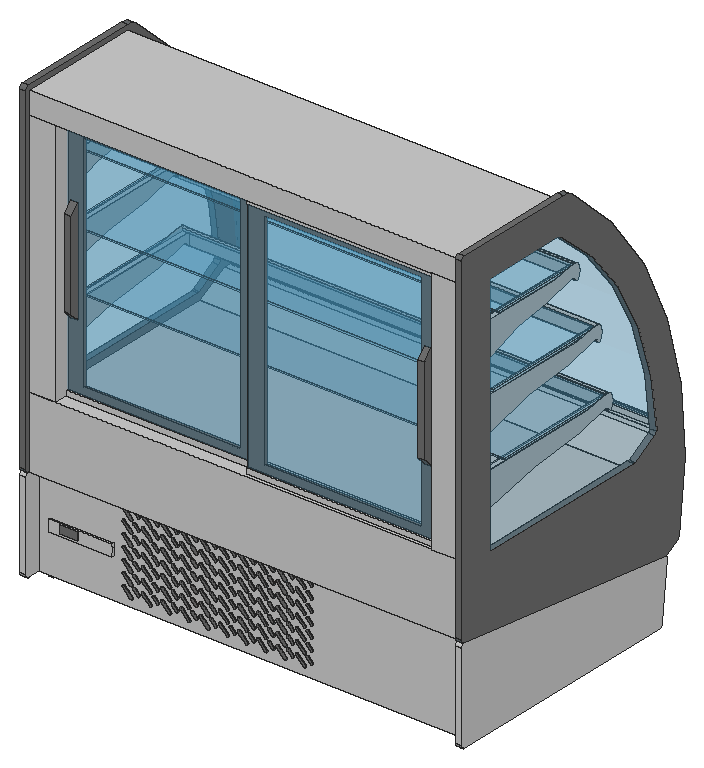
Revit family "QF_INFRICO_VBR12R_250814015714", category Specialty Equipment, Revit 2021 (continued)
Definition of nested family "QF_INFRICO_VBR12R_2920"
  Forms (mm)
    Extrusion 69, solid
      sketch origin (1643.376, -765.123, -1.698) x (-1, 0, 0) y (0, 0, 1)
        loop
          arc (1118.417, 200.284) -> (1118.417, 206.648) -> (1112.053, 206.648) r 4.5
          line (1112.053, 206.648) -> (1090.133, 184.728)
          arc (1090.133, 184.728) -> (1090.133, 178.364) -> (1096.497, 178.364) r 4.5
        loop
          line (1075.739, 191.335) -> (1087.053, 202.648)
          arc (1087.053, 202.648) -> (1087.053, 209.012) -> (1080.689, 209.012) r 4.5
          line (1080.689, 209.012) -> (1069.376, 197.698)
          arc (1069.376, 197.698) -> (1069.376, 191.335) -> (1075.739, 191.335) r 4.5
        loop
          line (1096.497, 212.364) -> (1118.417, 234.284)
          arc (1118.417, 234.284) -> (1118.417, 240.648) -> (1112.053, 240.648) r 4.5
          line (1112.053, 240.648) -> (1090.133, 218.728)
          arc (1090.133, 218.728) -> (1090.133, 212.364) -> (1096.497, 212.364) r 4.5
        loop
          line (1075.739, 225.335) -> (1087.053, 236.648)
          arc (1087.053, 236.648) -> (1087.053, 243.012) -> (1080.689, 243.012) r 4.5
          line (1080.689, 243.012) -> (1069.376, 231.698)
          arc (1069.376, 231.698) -> (1069.376, 225.335) -> (1075.739, 225.335) r 4.5
        loop
          line (1096.497, 246.364) -> (1118.417, 268.284)
          arc (1118.417, 268.284) -> (1118.417, 274.648) -> (1112.053, 274.648) r 4.5
          line (1112.053, 274.648) -> (1090.133, 252.728)
          arc (1090.133, 252.728) -> (1090.133, 246.364) -> (1096.497, 246.364) r 4.5
        loop
          line (1075.739, 259.335) -> (1087.053, 270.648)
          arc (1087.053, 270.648) -> (1087.053, 277.012) -> (1080.689, 277.012) r 4.5
          line (1080.689, 277.012) -> (1069.376, 265.698)
          arc (1069.376, 265.698) -> (1069.376, 259.335) -> (1075.739, 259.335) r 4.5
        loop
          line (1040.497, 42.364) -> (1062.417, 64.284)
          arc (1062.417, 64.284) -> (1062.417, 70.648) -> (1056.053, 70.648) r 4.5
          line (1056.053, 70.648) -> (1034.133, 48.728)
          arc (1034.133, 48.728) -> (1034.133, 42.364) -> (1040.497, 42.364) r 4.5
        loop
          line (1019.739, 55.335) -> (1031.053, 66.648)
          arc (1031.053, 66.648) -> (1031.053, 73.012) -> (1024.689, 73.012) r 4.5
          line (1024.689, 73.012) -> (1013.376, 61.698)
          arc (1013.376, 61.698) -> (1013.376, 55.335) -> (1019.739, 55.335) r 4.5
        loop
          line (1040.497, 76.364) -> (1062.417, 98.284)
          arc (1062.417, 98.284) -> (1062.417, 104.648) -> (1056.053, 104.648) r 4.5
          line (1056.053, 104.648) -> (1034.133, 82.728)
          arc (1034.133, 82.728) -> (1034.133, 76.364) -> (1040.497, 76.364) r 4.5
        loop
          line (1019.739, 89.335) -> (1031.053, 100.648)
          arc (1031.053, 100.648) -> (1031.053, 107.012) -> (1024.689, 107.012) r 4.5
          line (1024.689, 107.012) -> (1013.376, 95.698)
          arc (1013.376, 95.698) -> (1013.376, 89.335) -> (1019.739, 89.335) r 4.5
        loop
          line (1040.497, 110.364) -> (1062.417, 132.284)
          arc (1062.417, 132.284) -> (1062.417, 138.648) -> (1056.053, 138.648) r 4.5
          line (1056.053, 138.648) -> (1034.133, 116.728)
          arc (1034.133, 116.728) -> (1034.133, 110.364) -> (1040.497, 110.364) r 4.5
        loop
          line (1019.739, 123.335) -> (1031.053, 134.648)
          arc (1031.053, 134.648) -> (1031.053, 141.012) -> (1024.689, 141.012) r 4.5
          line (1024.689, 141.012) -> (1013.376, 129.698)
          arc (1013.376, 129.698) -> (1013.376, 123.335) -> (1019.739, 123.335) r 4.5
        loop
          line (1040.497, 144.364) -> (1062.417, 166.284)
          arc (1062.417, 166.284) -> (1062.417, 172.648) -> (1056.053, 172.648) r 4.5
          line (1056.053, 172.648) -> (1034.133, 150.728)
          arc (1034.133, 150.728) -> (1034.133, 144.364) -> (1040.497, 144.364) r 4.5
        loop
          line (1019.739, 157.335) -> (1031.053, 168.648)
          arc (1031.053, 168.648) -> (1031.053, 175.012) -> (1024.689, 175.012) r 4.5
          line (1024.689, 175.012) -> (1013.376, 163.698)
          arc (1013.376, 163.698) -> (1013.376, 157.335) -> (1019.739, 157.335) r 4.5
        loop
          line (1040.497, 178.364) -> (1062.417, 200.284)
          arc (1062.417, 200.284) -> (1062.417, 206.648) -> (1056.053, 206.648) r 4.5
          line (1056.053, 206.648) -> (1034.133, 184.728)
          arc (1034.133, 184.728) -> (1034.133, 178.364) -> (1040.497, 178.364) r 4.5
        loop
          line (1019.739, 191.335) -> (1031.053, 202.648)
          arc (1031.053, 202.648) -> (1031.053, 209.012) -> (1024.689, 209.012) r 4.5
          line (1024.689, 209.012) -> (1013.376, 197.698)
          arc (1013.376, 197.698) -> (1013.376, 191.335) -> (1019.739, 191.335) r 4.5
        loop
          line (1040.497, 212.364) -> (1062.417, 234.284)
          arc (1062.417, 234.284) -> (1062.417, 240.648) -> (1056.053, 240.648) r 4.5
          line (1056.053, 240.648) -> (1034.133, 218.728)
          arc (1034.133, 218.728) -> (1034.133, 212.364) -> (1040.497, 212.364) r 4.5
        loop
          line (1019.739, 225.335) -> (1031.053, 236.648)
          arc (1031.053, 236.648) -> (1031.053, 243.012) -> (1024.689, 243.012) r 4.5
          line (1024.689, 243.012) -> (1013.376, 231.698)
          arc (1013.376, 231.698) -> (1013.376, 225.335) -> (1019.739, 225.335) r 4.5
        loop
          line (1040.497, 246.364) -> (1062.417, 268.284)
          arc (1062.417, 268.284) -> (1062.417, 274.648) -> (1056.053, 274.648) r 4.5
          line (1056.053, 274.648) -> (1034.133, 252.728)
          arc (1034.133, 252.728) -> (1034.133, 246.364) -> (1040.497, 246.364) r 4.5
        loop
          line (1019.739, 259.335) -> (1031.053, 270.648)
          arc (1031.053, 270.648) -> (1031.053, 277.012) -> (1024.689, 277.012) r 4.5
          line (1024.689, 277.012) -> (1013.376, 265.698)
          arc (1013.376, 265.698) -> (1013.376, 259.335) -> (1019.739, 259.335) r 4.5
        loop
          line (984.497, 42.364) -> (1006.417, 64.284)
          arc (1006.417, 64.284) -> (1006.417, 70.648) -> (1000.053, 70.648) r 4.5
          line (1000.053, 70.648) -> (978.133, 48.728)
          arc (978.133, 48.728) -> (978.133, 42.364) -> (984.497, 42.364) r 4.5
        loop
          line (963.739, 55.335) -> (975.053, 66.648)
          arc (975.053, 66.648) -> (975.053, 73.012) -> (968.689, 73.012) r 4.5
          line (968.689, 73.012) -> (957.376, 61.698)
          arc (957.376, 61.698) -> (957.376, 55.335) -> (963.739, 55.335) r 4.5
        loop
          line (984.497, 76.364) -> (1006.417, 98.284)
          arc (1006.417, 98.284) -> (1006.417, 104.648) -> (1000.053, 104.648) r 4.5
          line (1000.053, 104.648) -> (978.133, 82.728)
          arc (978.133, 82.728) -> (978.133, 76.364) -> (984.497, 76.364) r 4.5
        loop
          line (963.739, 89.335) -> (975.053, 100.648)
          arc (975.053, 100.648) -> (975.053, 107.012) -> (968.689, 107.012) r 4.5
          line (968.689, 107.012) -> (957.376, 95.698)
          arc (957.376, 95.698) -> (957.376, 89.335) -> (963.739, 89.335) r 4.5
        loop
          line (984.497, 110.364) -> (1006.417, 132.284)
          arc (1006.417, 132.284) -> (1006.417, 138.648) -> (1000.053, 138.648) r 4.5
          line (1000.053, 138.648) -> (978.133, 116.728)
          arc (978.133, 116.728) -> (978.133, 110.364) -> (984.497, 110.364) r 4.5
        loop
          line (963.739, 123.335) -> (975.053, 134.648)
          arc (975.053, 134.648) -> (975.053, 141.012) -> (968.689, 141.012) r 4.5
          line (968.689, 141.012) -> (957.376, 129.698)
          arc (957.376, 129.698) -> (957.376, 123.335) -> (963.739, 123.335) r 4.5
        loop
          line (984.497, 144.364) -> (1006.417, 166.284)
          arc (1006.417, 166.284) -> (1006.417, 172.648) -> (1000.053, 172.648) r 4.5
          line (1000.053, 172.648) -> (978.133, 150.728)
          arc (978.133, 150.728) -> (978.133, 144.364) -> (984.497, 144.364) r 4.5
        loop
          line (963.739, 157.335) -> (975.053, 168.648)
          arc (975.053, 168.648) -> (975.053, 175.012) -> (968.689, 175.012) r 4.5
          line (968.689, 175.012) -> (957.376, 163.698)
          arc (957.376, 163.698) -> (957.376, 157.335) -> (963.739, 157.335) r 4.5
        loop
          line (984.497, 178.364) -> (1006.417, 200.284)
          arc (1006.417, 200.284) -> (1006.417, 206.648) -> (1000.053, 206.648) r 4.5
          line (1000.053, 206.648) -> (978.133, 184.728)
          arc (978.133, 184.728) -> (978.133, 178.364) -> (984.497, 178.364) r 4.5
        loop
          line (963.739, 191.335) -> (975.053, 202.648)
          arc (975.053, 202.648) -> (975.053, 209.012) -> (968.689, 209.012) r 4.5
          line (968.689, 209.012) -> (957.376, 197.698)
          arc (957.376, 197.698) -> (957.376, 191.335) -> (963.739, 191.335) r 4.5
        loop
          line (984.497, 212.364) -> (1006.417, 234.284)
          arc (1006.417, 234.284) -> (1006.417, 240.648) -> (1000.053, 240.648) r 4.5
          line (1000.053, 240.648) -> (978.133, 218.728)
          arc (978.133, 218.728) -> (978.133, 212.364) -> (984.497, 212.364) r 4.5
        loop
          line (963.739, 225.335) -> (975.053, 236.648)
          arc (975.053, 236.648) -> (975.053, 243.012) -> (968.689, 243.012) r 4.5
          line (968.689, 243.012) -> (957.376, 231.698)
          arc (957.376, 231.698) -> (957.376, 225.335) -> (963.739, 225.335) r 4.5
        loop
          line (984.497, 246.364) -> (1006.417, 268.284)
          arc (1006.417, 268.284) -> (1006.417, 274.648) -> (1000.053, 274.648) r 4.5
          line (1000.053, 274.648) -> (978.133, 252.728)
          arc (978.133, 252.728) -> (978.133, 246.364) -> (984.497, 246.364) r 4.5
        loop
          line (963.739, 259.335) -> (975.053, 270.648)
          arc (975.053, 270.648) -> (975.053, 277.012) -> (968.689, 277.012) r 4.5
          line (968.689, 277.012) -> (957.376, 265.698)
          arc (957.376, 265.698) -> (957.376, 259.335) -> (963.739, 259.335) r 4.5
        loop
          line (928.497, 42.364) -> (950.417, 64.284)
          arc (950.417, 64.284) -> (950.417, 70.648) -> (944.053, 70.648) r 4.5
          line (944.053, 70.648) -> (922.133, 48.728)
          arc (922.133, 48.728) -> (922.133, 42.364) -> (928.497, 42.364) r 4.5
        loop
          line (907.739, 55.335) -> (919.053, 66.648)
          arc (919.053, 66.648) -> (919.053, 73.012) -> (912.689, 73.012) r 4.5
          line (912.689, 73.012) -> (901.376, 61.698)
          arc (901.376, 61.698) -> (901.376, 55.335) -> (907.739, 55.335) r 4.5
        loop
          line (928.497, 76.364) -> (950.417, 98.284)
          arc (950.417, 98.284) -> (950.417, 104.648) -> (944.053, 104.648) r 4.5
          line (944.053, 104.648) -> (922.133, 82.728)
          arc (922.133, 82.728) -> (922.133, 76.364) -> (928.497, 76.364) r 4.5
        loop
          line (907.739, 89.335) -> (919.053, 100.648)
          arc (919.053, 100.648) -> (919.053, 107.012) -> (912.689, 107.012) r 4.5
          line (912.689, 107.012) -> (901.376, 95.698)
          arc (901.376, 95.698) -> (901.376, 89.335) -> (907.739, 89.335) r 4.5
        loop
          line (928.497, 110.364) -> (950.417, 132.284)
          arc (950.417, 132.284) -> (950.417, 138.648) -> (944.053, 138.648) r 4.5
          line (944.053, 138.648) -> (922.133, 116.728)
          arc (922.133, 116.728) -> (922.133, 110.364) -> (928.497, 110.364) r 4.5
        loop
          line (907.739, 123.335) -> (919.053, 134.648)
          arc (919.053, 134.648) -> (919.053, 141.012) -> (912.689, 141.012) r 4.5
          line (912.689, 141.012) -> (901.376, 129.698)
          arc (901.376, 129.698) -> (901.376, 123.335) -> (907.739, 123.335) r 4.5
        loop
          line (928.497, 144.364) -> (950.417, 166.284)
          arc (950.417, 166.284) -> (950.417, 172.648) -> (944.053, 172.648) r 4.5
          line (944.053, 172.648) -> (922.133, 150.728)
          arc (922.133, 150.728) -> (922.133, 144.364) -> (928.497, 144.364) r 4.5
        loop
          line (907.739, 157.335) -> (919.053, 168.648)
          arc (919.053, 168.648) -> (919.053, 175.012) -> (912.689, 175.012) r 4.5
          line (912.689, 175.012) -> (901.376, 163.698)
          arc (901.376, 163.698) -> (901.376, 157.335) -> (907.739, 157.335) r 4.5
        loop
          line (928.497, 178.364) -> (950.417, 200.284)
          arc (950.417, 200.284) -> (950.417, 206.648) -> (944.053, 206.648) r 4.5
          line (944.053, 206.648) -> (922.133, 184.728)
          arc (922.133, 184.728) -> (922.133, 178.364) -> (928.497, 178.364) r 4.5
        loop
          line (907.739, 191.335) -> (919.053, 202.648)
          arc (919.053, 202.648) -> (919.053, 209.012) -> (912.689, 209.012) r 4.5
          line (912.689, 209.012) -> (901.376, 197.698)
          arc (901.376, 197.698) -> (901.376, 191.335) -> (907.739, 191.335) r 4.5
        loop
          line (928.497, 212.364) -> (950.417, 234.284)
          arc (950.417, 234.284) -> (950.417, 240.648) -> (944.053, 240.648) r 4.5
          line (944.053, 240.648) -> (922.133, 218.728)
          arc (922.133, 218.728) -> (922.133, 212.364) -> (928.497, 212.364) r 4.5
        loop
          line (907.739, 225.335) -> (919.053, 236.648)
          arc (919.053, 236.648) -> (919.053, 243.012) -> (912.689, 243.012) r 4.5
          line (912.689, 243.012) -> (901.376, 231.698)
          arc (901.376, 231.698) -> (901.376, 225.335) -> (907.739, 225.335) r 4.5
        loop
          line (928.497, 246.364) -> (950.417, 268.284)
          arc (950.417, 268.284) -> (950.417, 274.648) -> (944.053, 274.648) r 4.5
          line (944.053, 274.648) -> (922.133, 252.728)
          arc (922.133, 252.728) -> (922.133, 246.364) -> (928.497, 246.364) r 4.5
        loop
          line (907.739, 259.335) -> (919.053, 270.648)
          arc (919.053, 270.648) -> (919.053, 277.012) -> (912.689, 277.012) r 4.5
          line (912.689, 277.012) -> (901.376, 265.698)
          arc (901.376, 265.698) -> (901.376, 259.335) -> (907.739, 259.335) r 4.5
        loop
          line (872.497, 42.364) -> (894.417, 64.284)
          arc (894.417, 64.284) -> (894.417, 70.648) -> (888.053, 70.648) r 4.5
          line (888.053, 70.648) -> (866.133, 48.728)
          arc (866.133, 48.728) -> (866.133, 42.364) -> (872.497, 42.364) r 4.5
        loop
          line (851.739, 55.335) -> (863.053, 66.648)
          arc (863.053, 66.648) -> (863.053, 73.012) -> (856.689, 73.012) r 4.5
          line (856.689, 73.012) -> (845.376, 61.698)
          arc (845.376, 61.698) -> (845.376, 55.335) -> (851.739, 55.335) r 4.5
        loop
          line (872.497, 76.364) -> (894.417, 98.284)
          arc (894.417, 98.284) -> (894.417, 104.648) -> (888.053, 104.648) r 4.5
          line (888.053, 104.648) -> (866.133, 82.728)
          arc (866.133, 82.728) -> (866.133, 76.364) -> (872.497, 76.364) r 4.5
        loop
          line (851.739, 89.335) -> (863.053, 100.648)
          arc (863.053, 100.648) -> (863.053, 107.012) -> (856.689, 107.012) r 4.5
          line (856.689, 107.012) -> (845.376, 95.698)
          arc (845.376, 95.698) -> (845.376, 89.335) -> (851.739, 89.335) r 4.5
        loop
          line (872.497, 110.364) -> (894.417, 132.284)
          arc (894.417, 132.284) -> (894.417, 138.648) -> (888.053, 138.648) r 4.5
          line (888.053, 138.648) -> (866.133, 116.728)
          arc (866.133, 116.728) -> (866.133, 110.364) -> (872.497, 110.364) r 4.5
        loop
          line (851.739, 123.335) -> (863.053, 134.648)
          arc (863.053, 134.648) -> (863.053, 141.012) -> (856.689, 141.012) r 4.5
          line (856.689, 141.012) -> (845.376, 129.698)
          arc (845.376, 129.698) -> (845.376, 123.335) -> (851.739, 123.335) r 4.5
        loop
          line (872.497, 144.364) -> (894.417, 166.284)
          arc (894.417, 166.284) -> (894.417, 172.648) -> (888.053, 172.648) r 4.5
          line (888.053, 172.648) -> (866.133, 150.728)
          arc (866.133, 150.728) -> (866.133, 144.364) -> (872.497, 144.364) r 4.5
        loop
          line (851.739, 157.335) -> (863.053, 168.648)
          arc (863.053, 168.648) -> (863.053, 175.012) -> (856.689, 175.012) r 4.5
          line (856.689, 175.012) -> (845.376, 163.698)
          arc (845.376, 163.698) -> (845.376, 157.335) -> (851.739, 157.335) r 4.5
        loop
          line (872.497, 178.364) -> (894.417, 200.284)
          arc (894.417, 200.284) -> (894.417, 206.648) -> (888.053, 206.648) r 4.5
          line (888.053, 206.648) -> (866.133, 184.728)
          arc (866.133, 184.728) -> (866.133, 178.364) -> (872.497, 178.364) r 4.5
        loop
          line (851.739, 191.335) -> (863.053, 202.648)
          arc (863.053, 202.648) -> (863.053, 209.012) -> (856.689, 209.012) r 4.5
          line (856.689, 209.012) -> (845.376, 197.698)
          arc (845.376, 197.698) -> (845.376, 191.335) -> (851.739, 191.335) r 4.5
        loop
          line (872.497, 212.364) -> (894.417, 234.284)
          arc (894.417, 234.284) -> (894.417, 240.648) -> (888.053, 240.648) r 4.5
          line (888.053, 240.648) -> (866.133, 218.728)
          arc (866.133, 218.728) -> (866.133, 212.364) -> (872.497, 212.364) r 4.5
        loop
          line (851.739, 225.335) -> (863.053, 236.648)
          arc (863.053, 236.648) -> (863.053, 243.012) -> (856.689, 243.012) r 4.5
          line (856.689, 243.012) -> (845.376, 231.698)
          arc (845.376, 231.698) -> (845.376, 225.335) -> (851.739, 225.335) r 4.5
        loop
          line (872.497, 246.364) -> (894.417, 268.284)
          arc (894.417, 268.284) -> (894.417, 274.648) -> (888.053, 274.648) r 4.5
          line (888.053, 274.648) -> (866.133, 252.728)
          arc (866.133, 252.728) -> (866.133, 246.364) -> (872.497, 246.364) r 4.5
        loop
          line (851.739, 259.335) -> (863.053, 270.648)
          arc (863.053, 270.648) -> (863.053, 277.012) -> (856.689, 277.012) r 4.5
          line (856.689, 277.012) -> (845.376, 265.698)
          arc (845.376, 265.698) -> (845.376, 259.335) -> (851.739, 259.335) r 4.5
      from 0 to 2
    Extrusion 70, solid
      sketch origin (-1164.261, -765.023, -465.555) x (1, 0, 0) y (0, 0, 1)
        loop
          arc (1199.261, 600.555) -> (1290.761, 599.555) -> (1382.261, 600.555) r 4186.625
          arc (1382.261, 600.555) -> (1383.261, 617.555) -> (1382.261, 634.555) r 145
          arc (1382.261, 634.555) -> (1290.761, 635.555) -> (1199.261, 634.555) r 4186.625
          arc (1199.261, 634.555) -> (1198.261, 617.555) -> (1199.261, 600.555) r 145
      from 0 to 5
    Extrusion 71, solid
      sketch origin (-1145.261, -768.123, -465.555) x (1, 0, 0) y (0, 0, 1)
        loop
          line (1212.261, 629.555) -> (1212.261, 605.555) -> (1262.261, 605.555) -> (1262.261, 629.555) -> (1212.261, 629.555)
      from 0 to 2
    Extrusion 72, solid, visible <- "Show Logo"
      sketch origin (1362.72, -52.93, -305.042) x (-1, 0, 0) y (0, -0.045615, -0.998959)
        loop
          line (1208.799, -696.53) -> (1204.173, -696.53) -> (1204.173, -719.204) -> (1208.799, -719.204) -> (1208.799, -696.53)
        loop
          arc (1214.779, -713.006) -> (1215.36, -712.765) -> (1215.601, -712.184) r 0.822
          line (1215.601, -712.184) -> (1215.669, -711.361)
          arc (1215.669, -711.361) -> (1218.282, -712.674) -> (1221.141, -713.281) r 11.435
          arc (1221.141, -713.281) -> (1224.637, -712.075) -> (1226.121, -708.689) r 4.607
          line (1226.121, -708.689) -> (1226.121, -696.53) -> (1221.598, -696.53) -> (1221.598, -707.557)
          arc (1221.598, -707.557) -> (1220.929, -708.961) -> (1219.417, -709.324) r 1.806
          arc (1219.417, -709.324) -> (1217.528, -708.741) -> (1215.772, -707.832) r 11.052
          line (1215.772, -707.832) -> (1215.772, -696.53) -> (1211.283, -696.53) -> (1211.283, -713.006) -> (1214.779, -713.006)
        loop
          line (1238.557, -720.102) -> (1238.557, -717.255)
          arc (1238.557, -717.255) -> (1238.306, -716.65) -> (1237.7, -716.399) r 0.857
          line (1237.7, -716.399) -> (1236.045, -716.271)
          arc (1236.045, -716.271) -> (1234.956, -715.705) -> (1234.547, -714.548) r 1.67
          line (1234.547, -714.548) -> (1234.547, -712.938) -> (1238.249, -712.938) -> (1238.249, -709.374) -> (1234.547, -709.374) -> (1234.547, -696.53) -> (1230.024, -696.53) -> (1230.024, -709.374) -> (1227.351, -709.374) -> (1227.351, -712.703) -> (1230.024, -712.909) -> (1230.024, -715.062)
          arc (1230.024, -715.062) -> (1230.805, -717.616) -> (1232.881, -719.297) r 4.567
          arc (1232.881, -719.297) -> (1235.052, -719.926) -> (1237.306, -720.102) r 11.103
          line (1237.306, -720.102) -> (1238.557, -720.102)
        loop
          line (1239.479, -713.006) -> (1243.726, -713.006) -> (1243.899, -710.984)
          arc (1243.899, -710.984) -> (1246.197, -712.588) -> (1248.912, -713.28) r 7.833
          arc (1248.912, -713.28) -> (1249.531, -713.061) -> (1249.793, -712.458) r 0.824
          line (1249.793, -712.458) -> (1249.793, -710.265)
          arc (1249.793, -710.265) -> (1249.643, -709.758) -> (1249.241, -709.416) r 0.928
          line (1249.241, -709.416) -> (1248.077, -709.268)
          arc (1248.077, -709.268) -> (1245.873, -708.631) -> (1243.968, -707.352) r 7.435
          line (1243.968, -707.352) -> (1243.968, -696.53) -> (1239.479, -696.53) -> (1239.479, -713.006)
        loop
          line (1255.495, -696.53) -> (1251.006, -696.53) -> (1251.006, -713.006) -> (1255.495, -713.006) -> (1255.495, -696.53)
        loop
          line (1257.421, -701.327) -> (1257.421, -708.243)
          arc (1257.421, -708.243) -> (1258.571, -711.349) -> (1261.466, -712.959) r 4.772
          arc (1261.466, -712.959) -> (1264.493, -713.294) -> (1267.521, -712.959) r 13.851
          arc (1267.521, -712.959) -> (1270.524, -710.556) -> (1271.505, -706.838) r 6.132
          line (1271.505, -706.838) -> (1267.187, -706.838) -> (1267.187, -707.9)
          arc (1267.187, -707.9) -> (1266.64, -709.118) -> (1265.442, -709.705) r 1.965
          arc (1265.442, -709.705) -> (1264.547, -709.754) -> (1263.653, -709.705) r 8.196
          arc (1263.653, -709.705) -> (1262.417, -709.155) -> (1261.91, -707.9) r 1.806
          line (1261.91, -707.9) -> (1261.91, -701.67)
          arc (1261.91, -701.67) -> (1262.417, -700.415) -> (1263.653, -699.865) r 1.806
          arc (1263.653, -699.865) -> (1264.547, -699.816) -> (1265.442, -699.865) r 8.196
          arc (1265.442, -699.865) -> (1266.64, -700.452) -> (1267.187, -701.67) r 1.965
          line (1267.187, -701.67) -> (1267.187, -703.041) -> (1271.505, -703.041)
          arc (1271.505, -703.041) -> (1270.575, -699.134) -> (1267.521, -696.525) r 6.481
          arc (1267.521, -696.525) -> (1264.493, -696.266) -> (1261.466, -696.525) r 17.816
          arc (1261.466, -696.525) -> (1258.567, -698.188) -> (1257.421, -701.327) r 4.873
        loop
          line (1272.916, -701.329) -> (1272.916, -708.242)
          arc (1272.916, -708.242) -> (1273.993, -711.226) -> (1276.726, -712.837) r 4.676
          arc (1276.726, -712.837) -> (1278.515, -713.116) -> (1280.318, -713.28) r 28.371
          arc (1280.318, -713.28) -> (1282.122, -713.116) -> (1283.911, -712.837) r 28.371
          arc (1283.911, -712.837) -> (1286.644, -711.226) -> (1287.72, -708.242) r 4.676
          line (1287.72, -708.242) -> (1287.72, -701.329)
          arc (1287.72, -701.329) -> (1286.644, -698.345) -> (1283.911, -696.734) r 4.676
          arc (1283.911, -696.734) -> (1282.122, -696.455) -> (1280.318, -696.291) r 28.371
          arc (1280.318, -696.291) -> (1278.515, -696.455) -> (1276.726, -696.734) r 28.371
          arc (1276.726, -696.734) -> (1273.993, -698.345) -> (1272.916, -701.329) r 4.676
        loop
          arc (1277.405, -707.866) -> (1277.844, -709.015) -> (1278.936, -709.58) r 1.725
          arc (1278.936, -709.58) -> (1279.627, -709.653) -> (1280.318, -709.716) r 46.133
          arc (1280.318, -709.716) -> (1281.01, -709.653) -> (1281.701, -709.58) r 46.133
          arc (1281.701, -709.58) -> (1282.793, -709.015) -> (1283.231, -707.866) r 1.725
          line (1283.231, -707.866) -> (1283.231, -701.705)
          arc (1283.231, -701.705) -> (1282.793, -700.556) -> (1281.701, -699.991) r 1.725
          arc (1281.701, -699.991) -> (1281.01, -699.918) -> (1280.318, -699.856) r 46.133
          arc (1280.318, -699.856) -> (1279.627, -699.918) -> (1278.936, -699.991) r 46.133
          arc (1278.936, -699.991) -> (1277.844, -700.556) -> (1277.405, -701.705) r 1.725
          line (1277.405, -701.705) -> (1277.405, -707.866)
        loop
          line (1190.339, -696.543) -> (1170.042, -696.543)
          arc (1170.042, -696.543) -> (1168.969, -696.987) -> (1168.525, -698.059) r 1.516
          line (1168.525, -698.059) -> (1168.525, -703.891) -> (1164.346, -703.891)
          arc (1164.346, -703.891) -> (1163.591, -704.121) -> (1163.163, -704.782) r 1.147
          line (1163.163, -704.782) -> (1163.163, -706.211)
          arc (1163.163, -706.211) -> (1163.594, -707.258) -> (1164.662, -707.634) r 1.385
          line (1164.662, -707.634) -> (1165.861, -707.634) -> (1163.163, -710.332)
          arc (1163.163, -710.332) -> (1162.776, -711.266) -> (1163.163, -712.2) r 1.321
          line (1163.163, -712.2) -> (1163.886, -712.923)
          arc (1163.886, -712.923) -> (1164.841, -713.338) -> (1165.823, -712.991) r 1.422
          line (1165.823, -712.991) -> (1168.528, -710.286) -> (1168.528, -711.479)
          arc (1168.528, -711.479) -> (1168.938, -712.516) -> (1169.946, -712.992) r 1.516
          line (1169.946, -712.992) -> (1170.867, -712.992)
          arc (1170.867, -712.992) -> (1171.87, -712.514) -> (1172.278, -711.479) r 1.516
          line (1172.278, -711.479) -> (1172.278, -706.83) -> (1178.308, -701.336) -> (1178.308, -707.509) -> (1174.742, -711.075)
          arc (1174.742, -711.075) -> (1174.328, -712.073) -> (1174.742, -713.071) r 1.412
          line (1174.742, -713.071) -> (1175.394, -713.723)
          arc (1175.394, -713.723) -> (1176.442, -714.141) -> (1177.466, -713.667) r 1.428
          line (1177.466, -713.667) -> (1178.308, -712.825) -> (1178.308, -717.784)
          arc (1178.308, -717.784) -> (1178.723, -718.787) -> (1179.726, -719.203) r 1.418
          line (1179.726, -719.203) -> (1180.655, -719.203)
          arc (1180.655, -719.203) -> (1181.658, -718.787) -> (1182.073, -717.784) r 1.418
          line (1182.073, -717.784) -> (1182.073, -712.825) -> (1182.915, -713.667)
          arc (1182.915, -713.667) -> (1183.939, -714.141) -> (1184.987, -713.723) r 1.428
          line (1184.987, -713.723) -> (1185.639, -713.071)
          arc (1185.639, -713.071) -> (1186.053, -712.073) -> (1185.639, -711.075) r 1.412
          line (1185.639, -711.075) -> (1182.073, -707.509) -> (1182.073, -701.336) -> (1188.103, -706.83) -> (1188.103, -711.479)
          arc (1188.103, -711.479) -> (1188.511, -712.514) -> (1189.514, -712.992) r 1.516
          line (1189.514, -712.992) -> (1190.435, -712.992)
          arc (1190.435, -712.992) -> (1191.443, -712.516) -> (1191.853, -711.479) r 1.516
          line (1191.853, -711.479) -> (1191.853, -710.286) -> (1194.558, -712.991)
          arc (1194.558, -712.991) -> (1195.54, -713.338) -> (1196.495, -712.923) r 1.422
          line (1196.495, -712.923) -> (1197.218, -712.2)
          arc (1197.218, -712.2) -> (1197.605, -711.266) -> (1197.218, -710.332) r 1.321
          line (1197.218, -710.332) -> (1194.52, -707.634) -> (1195.719, -707.634)
          arc (1195.719, -707.634) -> (1196.787, -707.258) -> (1197.218, -706.211) r 1.385
          line (1197.218, -706.211) -> (1197.218, -704.782)
          arc (1197.218, -704.782) -> (1196.79, -704.121) -> (1196.035, -703.891) r 1.147
          line (1196.035, -703.891) -> (1191.856, -703.891) -> (1191.856, -698.059)
          arc (1191.856, -698.059) -> (1191.411, -696.987) -> (1190.339, -696.543) r 1.516
      from 0 to 2
    Extrusion 73, solid
      sketch origin (-1000, 0, 479) x (1, 0, 0) y (0, 1, 0)
        loop
          line (1000, -699.023) -> (1050, -699.023) -> (1050, -739.023) -> (2200, -739.023) -> (2200, -699.023) -> (2250, -699.023) -> (2250, -688.023) -> (1000, -688.023) -> (1000, -699.023)
      from 0 to 2
    Extrusion 74, solid
      sketch origin (0, 0, 0) x (0, 1, 0) y (0, 0, 1)
        loop
          line (-688.023, 479) -> (-690.023, 479) -> (-690.023, 448) -> (-688.023, 448) -> (-688.023, 479)
      from 0 to 1250
    Extrusion 75, solid
      sketch origin (1140, 0, 0) x (0, 1, 0) y (0, 0, 1)
        loop
          line (-786.023, 708.5) -> (-786.023, 1015.5) -> (-810, 989.525) -> (-810, 734.5) -> (-786.023, 708.5)
      from 0 to 19
    Extrusion 76, solid
      sketch origin (110, 26, 0) x (0, 1, 0) y (0, 0, -1)
        loop
          line (-786.023, -708.5) -> (-810, -734.5) -> (-810, -989.525) -> (-786.023, -1015.5) -> (-786.023, -708.5)
      from 0 to 19
    Extrusion 77, solid
      sketch origin (-1186.261, -424.423, 613.945) x (1, 0, 0) y (0, 0, -1)
        loop
          line (1212.261, -629.555) -> (1262.261, -629.555) -> (1262.261, -605.555) -> (1212.261, -605.555) -> (1212.261, -629.555)
      from 0 to 2
    Extrusion 78, solid
      sketch origin (-32, 0, 0) x (0, 1, 0) y (0, 0, 1)
        loop
          line (-422.523, 1219.5) -> (-422.523, 1243.5)
          arc (-422.523, 1243.5) -> (-423.255, 1245.268) -> (-425.023, 1246) r 2.5
          line (-425.023, 1246) -> (-425.023, 1217)
          arc (-425.023, 1217) -> (-423.255, 1217.732) -> (-422.523, 1219.5) r 2.5
      from 44 to 122
  Cuts and joins
    joined: Extrusion 73, Extrusion 74
  Lines and regions (mm)
    symbolic lines
      curve 1: line (1250, -800.023, 0) -> (1250, -810, 0)
      curve 2: line (1250, -810, 0) -> (1268, -810, 0)
      curve 3: line (1268, -810, 0) -> (1268, 0, 0)
      curve 4: line (1268, 0, 0) -> (1250, 0, 0)
      curve 5: line (1250, 0, 0) -> (1250, -18.791, 0)
      curve 6: line (1250, -18.791, 0) -> (0, -18.791, 0)
      curve 7: line (0, -18.791, 0) -> (0, 0, 0)
      curve 8: line (0, 0, 0) -> (-18, 0, 0)
      curve 9: line (-18, 0, 0) -> (-18, -810, 0)
      curve 10: line (-18, -810, 0) -> (0, -810, 0)
      curve 11: line (0, -810, 0) -> (0, -800.023, 0)
      curve 12: line (0, -800.023, 0) -> (1250, -800.023, 0)
      curve 13: line (0, -18.791, 0) -> (0, -800.023, 0)
      curve 14: line (1250, -800.023, 0) -> (1250, -18.791, 0)
      curve 15: line (1250, -31.023, 0) -> (0, -31.023, 0)
      curve 16: line (0, -37.023, 0) -> (1250, -37.023, 0)
      curve 17: line (1250, -444.023, 0) -> (0, -444.023, 0)
      curve 18: line (1250, -435.023, 0) -> (0, -435.023, 0)
      curve 19: line (1250, -431.645, 0) -> (0, -431.645, 0)
  Dimensions and locks
    plane 1 "Back" to plane 5 "Front" = 810 mm  (x2)
    plane 3 "Left" to plane 4 "Right" = 1250 mm
    plane 6 "Top" to level = 1300 mm  (x2)
    plane 4 "Right" to plane 3 "Left" = 1250 mm
    aligned and locked: level to plane 2
Definition of nested family "CONN_POINT_ELE_2D___Generic_Annotation"
  Parameters (values of type "CONN_POINT_ELE_2D___Generic_Annotation")
    Onboard connection annotation symbol visibility [instance] = yes
  Reference planes
    plane 1: y = 0
    plane 2: x = 0
  Lines and regions (mm)
    detail lines, visible <- "Onboard connection annotation symbol visibility"
      curve 1: circle (0, 0, 0) r 0.5 normal (0, 0, 1)
      curve 2: line (-1, 0, 0) -> (1, 0, 0)
      curve 3: line (0, 1, 0) -> (0, -1, 0)
      curve 4: line (2.5, 1, 0) -> (1.25, 1, 0)
      curve 5: line (1.25, 1, 0) -> (1.25, -1, 0)
      curve 6: line (1.25, -1, 0) -> (2.5, -1, 0)
      curve 7: line (1.25, 0, 0) -> (2, 0, 0)
